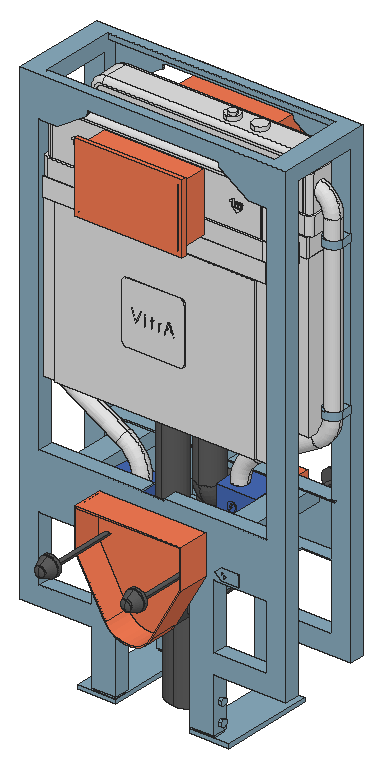
Revit family "ConcealedCistern-ForWallHungWCPans-8cm-InsideInPlasterboardWall-FloorMounting-AppliedBacktoBack-VitrA-768-5850", category Plumbing Fixtures, host Face, Revit 2017 (continued)
Automatic sketch dimensions
  plane 3 "Center (Left/Right)" to Extrusion 58 sketch curve = 29.596 mm
  plane 3 "Center (Left/Right)" to Extrusion 58 sketch curve = 30.072 mm
  plane 5 to Extrusion 58 sketch curve = 6.857 mm
  Extrusion 58 sketch curve to Extrusion 58 sketch curve = 29.491 mm
  Extrusion 58 sketch curve to plane 5 = 0.424 mm
  Extrusion 58 sketch curve to plane 5 = 64.542 mm
  Extrusion 58 sketch curve to Extrusion 58 sketch curve = 0.114 mm
  Extrusion 58 sketch curve to Extrusion 58 sketch curve = 18.632 mm
  Extrusion 58 sketch curve to Extrusion 58 sketch curve = 18.748 mm
  plane 5 to Extrusion 58 sketch curve = 6.301 mm
  Sweep 59 sketch curve to plane 11 = 77.914 mm
  Sweep 59 sketch curve to Sweep 59 sketch curve = 30 mm
  Sweep 59 sketch curve to plane 5 = 164.854 mm
  Sweep 59 sketch curve to Sweep 59 sketch curve = 17.5 mm
  Sweep 59 sketch curve to Sweep 59 sketch curve = 175 mm
  Sweep 59 sketch curve to profile plane = 0 mm  (x2)
  Extrusion 60 sketch curve to Extrusion 60 sketch curve = 0 mm  (x2)
  Extrusion 60 sketch curve to plane 3 "Center (Left/Right)" = 0 mm
  Extrusion 60 sketch curve to plane 5 = 0.031 mm
  Extrusion 60 sketch curve to Extrusion 60 sketch curve = 52.806 mm
  Sweep 62 sketch curve to plane 4 = 43.146 mm  (x2)
  Sweep 62 sketch curve to Sweep 62 sketch curve = 20 mm
  Sweep 62 sketch curve to plane 6 = 63.774 mm
  plane 7 to Sweep 62 sketch curve = 83.618 mm
  plane 4 to Sweep 62 sketch curve = 32.064 mm  (x2)
  Sweep 62 sketch curve to profile plane = 0 mm  (x2)
  Sweep 62 sketch curve to profile plane = 5 mm
  Sweep 62 sketch curve to profile plane = 68.448 mm
  Sweep 62 sketch curve to Sweep 62 sketch curve = 10.038 mm
  Sweep 62 sketch curve to profile plane = 10.194 mm
  plane 4 to Extrusion 63 sketch curve = 32.064 mm
  Extrusion 63 sketch curve to plane 4 = 43.146 mm  (x2)
  Extrusion 63 sketch curve to Extrusion 63 sketch curve = 15 mm
  Extrusion 63 sketch curve to plane 6 = 68.774 mm
  plane 7 to Extrusion 63 sketch curve = 83.618 mm
  plane 7 to Extrusion 64 sketch curve = 48.696 mm
  Extrusion 64 sketch curve to Extrusion 64 sketch curve = 12 mm  (x3)
  Extrusion 64 sketch curve to plane 11 = 15.018 mm
  Extrusion 64 sketch curve to plane 6 = 60.533 mm
  Extrusion 64 sketch curve to Extrusion 64 sketch curve = 0 mm  (x2)
  Extrusion 64 sketch curve to Extrusion 64 sketch curve = 55.628 mm
  plane 7 to Extrusion 65 sketch curve = 52.298 mm
  Extrusion 65 sketch curve to plane 6 = 53.785 mm
  Extrusion 65 sketch curve to Extrusion 65 sketch curve = 3.59 mm  (x2)
  Extrusion 65 sketch curve to Extrusion 65 sketch curve = 77.893 mm  (x2)
  Extrusion 65 sketch curve to Extrusion 65 sketch curve = 4.445 mm
  Extrusion 66 sketch curve to plane 11 = 15.777 mm  (x2)
  plane 7 to Extrusion 66 sketch curve = 51.524 mm
  Extrusion 66 sketch curve to Extrusion 66 sketch curve = 23.661 mm  (x2)
  Extrusion 66 sketch curve to plane 6 = 77.276 mm  (x2)
  Extrusion 66 sketch curve to plane 11 = 12.177 mm
  Extrusion 66 sketch curve to Extrusion 66 sketch curve = 25.501 mm
  Extrusion 66 sketch curve to Extrusion 66 sketch curve = 81.493 mm
  Extrusion 66 sketch curve to Extrusion 66 sketch curve = 79.379 mm
  Extrusion 66 sketch curve to Extrusion 66 sketch curve = 2.062 mm
  Extrusion 67 sketch curve to plane 3 "Center (Left/Right)" = 0 mm
  plane 3 "Center (Left/Right)" to Extrusion 67 sketch curve = 0.641 mm
  plane 3 "Center (Left/Right)" to Extrusion 67 sketch curve = 0.644 mm
  plane 3 "Center (Left/Right)" to Extrusion 67 sketch curve = 0.797 mm
  plane 3 "Center (Left/Right)" to Extrusion 67 sketch curve = 1.239 mm
  Extrusion 67 sketch curve to Extrusion 67 sketch curve = 1.778 mm
  Extrusion 67 sketch curve to Extrusion 67 sketch curve = 2.58 mm
  Extrusion 67 sketch curve to Extrusion 67 sketch curve = 2.84 mm
  Extrusion 67 sketch curve to Extrusion 67 sketch curve = 2.96 mm
  Extrusion 67 sketch curve to Extrusion 67 sketch curve = 0.685 mm
  Extrusion 67 sketch curve to Extrusion 67 sketch curve = 10.527 mm
  Extrusion 67 sketch curve to Extrusion 67 sketch curve = 0.07 mm
  Extrusion 67 sketch curve to Extrusion 67 sketch curve = 12.294 mm
  Extrusion 67 sketch curve to Extrusion 67 sketch curve = 1.546 mm
  Extrusion 67 sketch curve to Extrusion 67 sketch curve = 1.859 mm
  Extrusion 67 sketch curve to Extrusion 67 sketch curve = 2.945 mm
  Extrusion 67 sketch curve to Extrusion 67 sketch curve = 0.086 mm
  Extrusion 67 sketch curve to Extrusion 67 sketch curve = 8.046 mm
  Extrusion 67 sketch curve to Extrusion 67 sketch curve = 0.71 mm  (x2)
  Extrusion 67 sketch curve to Extrusion 67 sketch curve = 0.688 mm  (x2)
  Extrusion 67 sketch curve to Extrusion 67 sketch curve = 14.834 mm
  Extrusion 67 sketch curve to Extrusion 67 sketch curve = 1.451 mm
  Extrusion 67 sketch curve to Extrusion 67 sketch curve = 2.51 mm  (x2)
  Extrusion 67 sketch curve to Extrusion 67 sketch curve = 1.059 mm  (x2)
  Extrusion 67 sketch curve to Extrusion 67 sketch curve = 17.656 mm
  Extrusion 67 sketch curve to Extrusion 67 sketch curve = 17.976 mm
  Extrusion 67 sketch curve to Extrusion 67 sketch curve = 11.658 mm
  Extrusion 67 sketch curve to Extrusion 67 sketch curve = 10 mm  (x2)
  Extrusion 67 sketch curve to plane 3 "Center (Left/Right)" = 2.861 mm
  Extrusion 67 sketch curve to Extrusion 67 sketch curve = 0.937 mm
  Extrusion 67 sketch curve to Extrusion 67 sketch curve = 7.721 mm
  Extrusion 67 sketch curve to plane 3 "Center (Left/Right)" = 11.889 mm
  Extrusion 67 sketch curve to Extrusion 67 sketch curve = 1.502 mm
  Extrusion 67 sketch curve to Extrusion 67 sketch curve = 1.858 mm
  Extrusion 67 sketch curve to Extrusion 67 sketch curve = 2.553 mm
  Extrusion 67 sketch curve to Extrusion 67 sketch curve = 0.693 mm
  Extrusion 67 sketch curve to Extrusion 67 sketch curve = 4.368 mm
  Extrusion 67 sketch curve to Extrusion 67 sketch curve = 0.781 mm
  Extrusion 67 sketch curve to Extrusion 67 sketch curve = 9.696 mm
  Extrusion 67 sketch curve to Extrusion 67 sketch curve = 0.531 mm
  Extrusion 67 sketch curve to Extrusion 67 sketch curve = 0.879 mm
  Extrusion 67 sketch curve to Extrusion 67 sketch curve = 13.246 mm
  Extrusion 67 sketch curve to Extrusion 67 sketch curve = 0.258 mm
  Extrusion 67 sketch curve to Extrusion 67 sketch curve = 0.179 mm
  Extrusion 67 sketch curve to Extrusion 67 sketch curve = 1.384 mm
  Extrusion 67 sketch curve to Extrusion 67 sketch curve = 1.96 mm
  Extrusion 67 sketch curve to Extrusion 67 sketch curve = 1.397 mm
  Extrusion 67 sketch curve to Extrusion 67 sketch curve = 5.74 mm
  Extrusion 67 sketch curve to Extrusion 67 sketch curve = 0.284 mm
  Extrusion 67 sketch curve to Extrusion 67 sketch curve = 0.376 mm
  Extrusion 67 sketch curve to Extrusion 67 sketch curve = 1.63 mm
  Extrusion 67 sketch curve to Extrusion 67 sketch curve = 3.257 mm
  Extrusion 67 sketch curve to Extrusion 67 sketch curve = 0.824 mm
  Extrusion 67 sketch curve to Extrusion 67 sketch curve = 0.532 mm
  Extrusion 67 sketch curve to Extrusion 67 sketch curve = 11.499 mm
  Extrusion 67 sketch curve to plane 3 "Center (Left/Right)" = 55 mm
  plane 4 to Extrusion 67 sketch curve = 190.191 mm
  Extrusion 67 sketch curve to Extrusion 67 sketch curve = 42.948 mm
  Extrusion 67 sketch curve to Extrusion 67 sketch curve = 0 mm
  Extrusion 67 sketch curve to Extrusion 67 sketch curve = 0.268 mm  (x2)
  Extrusion 67 sketch curve to Extrusion 67 sketch curve = 43.989 mm
  Extrusion 67 sketch curve to Extrusion 67 sketch curve = 0.001 mm
  Extrusion 67 sketch curve to Extrusion 67 sketch curve = 1.328 mm
  Extrusion 67 sketch curve to Extrusion 67 sketch curve = 0.024 mm
  Extrusion 67 sketch curve to Extrusion 67 sketch curve = 3.385 mm
  Extrusion 67 sketch curve to Extrusion 67 sketch curve = 3.661 mm
  Extrusion 67 sketch curve to Extrusion 67 sketch curve = 4.575 mm
  Extrusion 67 sketch curve to Extrusion 67 sketch curve = 0.451 mm
  Extrusion 67 sketch curve to Extrusion 67 sketch curve = 1.415 mm
  Extrusion 67 sketch curve to Extrusion 67 sketch curve = 1.763 mm
  Extrusion 67 sketch curve to Extrusion 67 sketch curve = 1.585 mm
  Extrusion 67 sketch curve to Extrusion 67 sketch curve = 1.786 mm
  Extrusion 67 sketch curve to Extrusion 67 sketch curve = 1.019 mm
  Extrusion 67 sketch curve to Extrusion 67 sketch curve = 5.119 mm
  Extrusion 67 sketch curve to Extrusion 67 sketch curve = 0.005 mm
  Extrusion 67 sketch curve to Extrusion 67 sketch curve = 1.396 mm
  Extrusion 67 sketch curve to Extrusion 67 sketch curve = 1.708 mm
  Extrusion 67 sketch curve to Extrusion 67 sketch curve = 1.713 mm
  Extrusion 67 sketch curve to Extrusion 67 sketch curve = 2.653 mm
  Extrusion 67 sketch curve to Extrusion 67 sketch curve = 7.023 mm
  Extrusion 67 sketch curve to Extrusion 67 sketch curve = 0.667 mm
  Extrusion 67 sketch curve to Extrusion 67 sketch curve = 4.237 mm
  Extrusion 67 sketch curve to Extrusion 67 sketch curve = 1.049 mm
  Extrusion 67 sketch curve to Extrusion 67 sketch curve = 0.447 mm
  Extrusion 67 sketch curve to Extrusion 67 sketch curve = 3.29 mm
  Extrusion 67 sketch curve to Extrusion 67 sketch curve = 1.53 mm
  Extrusion 67 sketch curve to Extrusion 67 sketch curve = 2.92 mm
  Extrusion 67 sketch curve to Extrusion 67 sketch curve = 2.32 mm
  Extrusion 67 sketch curve to Extrusion 67 sketch curve = 1.963 mm
  Extrusion 67 sketch curve to Extrusion 67 sketch curve = 1.187 mm
  Extrusion 67 sketch curve to Extrusion 67 sketch curve = 8.807 mm
  Extrusion 67 sketch curve to Extrusion 67 sketch curve = 0.413 mm
  Extrusion 67 sketch curve to Extrusion 67 sketch curve = 2.594 mm
  Extrusion 67 sketch curve to Extrusion 67 sketch curve = 0.847 mm
  Extrusion 67 sketch curve to Extrusion 67 sketch curve = 9.563 mm
  Extrusion 67 sketch curve to Extrusion 67 sketch curve = 0.002 mm
  Extrusion 67 sketch curve to Extrusion 67 sketch curve = 13.754 mm
  Extrusion 67 sketch curve to Extrusion 67 sketch curve = 9.031 mm
  Extrusion 67 sketch curve to Extrusion 67 sketch curve = 0.204 mm
  Extrusion 67 sketch curve to Extrusion 67 sketch curve = 8.368 mm
  Extrusion 67 sketch curve to Extrusion 67 sketch curve = 0.357 mm
  Extrusion 67 sketch curve to Extrusion 67 sketch curve = 0.362 mm
  Extrusion 67 sketch curve to Extrusion 67 sketch curve = 0.58 mm
  Extrusion 67 sketch curve to Extrusion 67 sketch curve = 0.584 mm
  Extrusion 67 sketch curve to Extrusion 67 sketch curve = 43.702 mm
  plane 3 "Center (Left/Right)" to Blend 68 sketch curve = 122.5 mm
  plane 3 "Center (Left/Right)" to Blend 68 sketch curve = 41.187 mm
  Blend 68 sketch curve to plane 5 = 182.167 mm
  Blend 68 sketch curve to Blend 68 sketch curve = 62.374 mm
  plane 3 "Center (Left/Right)" to Blend 68 sketch curve = 38.348 mm
  Blend 68 sketch curve to plane 5 = 185.006 mm
  Blend 68 sketch curve to Blend 68 sketch curve = 68.052 mm
  Blend 68 sketch curve to Blend 68 sketch curve = 86.991 mm
  plane 3 "Center (Left/Right)" to Extrusion 69 sketch curve = 68.989 mm
  Extrusion 69 sketch curve to Extrusion 69 sketch curve = 0.036 mm
  Extrusion 69 sketch curve to Extrusion 69 sketch curve = 2.744 mm
  Extrusion 69 sketch curve to Extrusion 69 sketch curve = 0.046 mm
  Extrusion 69 sketch curve to Extrusion 69 sketch curve = 0.937 mm
  Extrusion 69 sketch curve to Extrusion 69 sketch curve = 1.259 mm
  Extrusion 69 sketch curve to Extrusion 69 sketch curve = 5 mm
  Extrusion 69 sketch curve to Extrusion 69 sketch curve = 2.884 mm
  Extrusion 69 sketch curve to plane 5 = 143.428 mm
  Extrusion 69 sketch curve to Extrusion 69 sketch curve = 5.995 mm
  Extrusion 69 sketch curve to Extrusion 69 sketch curve = 1.264 mm
  Extrusion 69 sketch curve to Extrusion 69 sketch curve = 1.408 mm
  Extrusion 69 sketch curve to Extrusion 69 sketch curve = 1.472 mm
  Extrusion 69 sketch curve to Extrusion 69 sketch curve = 4.497 mm
  plane 7 to Sweep 70 sketch curve = 26.323 mm
  plane 7 to Sweep 70 sketch curve = 56.323 mm
  Sweep 70 sketch curve to plane 4 = 9.502 mm
  Sweep 70 sketch curve to Sweep 70 sketch curve = 30.349 mm
  plane 4 to Sweep 70 sketch curve = 33.046 mm
  Sweep 70 sketch curve to Sweep 70 sketch curve = 30 mm
  plane 3 "Center (Left/Right)" to Sweep 70 sketch curve = 140.153 mm
  Sweep 70 sketch curve to Sweep 70 sketch curve = 37.5 mm
  plane 3 "Center (Left/Right)" to Sweep 70 sketch curve = 65.153 mm
  Sweep 70 sketch curve to plane 5 = 372.196 mm
  Sweep 70 sketch curve to Sweep 70 sketch curve = 72.76 mm
  Sweep 70 sketch curve to plane 4 = 24.436 mm
  Sweep 70 sketch curve to Sweep 70 sketch curve = 43.371 mm
  Sweep 70 sketch curve to Sweep 70 sketch curve = 14.831 mm
  Sweep 70 sketch curve to profile plane = 0 mm
  Sweep 70 sketch curve to profile plane = 120.458 mm
  Extrusion 71 sketch curve to Extrusion 71 sketch curve = 0 mm  (x2)
  plane 7 to Extrusion 71 sketch curve = 7.245 mm
  Extrusion 71 sketch curve to Extrusion 71 sketch curve = 19.392 mm
  Extrusion 71 sketch curve to plane 11 = 69.958 mm
  Extrusion 71 sketch curve to Extrusion 71 sketch curve = 22.818 mm
  Extrusion 72 sketch curve to Extrusion 72 sketch curve = 0 mm  (x2)
  plane 7 to Extrusion 72 sketch curve = 7.245 mm
  Extrusion 72 sketch curve to Extrusion 72 sketch curve = 19.392 mm
  Extrusion 72 sketch curve to plane 11 = 69.989 mm
  Extrusion 72 sketch curve to Extrusion 72 sketch curve = 22.818 mm
  Extrusion 73 sketch curve to plane 4 = 20.385 mm
  Extrusion 73 sketch curve to plane 6 = 109.375 mm
  Extrusion 73 sketch curve to plane 4 = 19.608 mm
  Extrusion 73 sketch curve to Extrusion 73 sketch curve = 1.807 mm
  Extrusion 73 sketch curve to plane 4 = 22.028 mm
  Extrusion 73 sketch curve to Extrusion 73 sketch curve = 0.714 mm
  Extrusion 73 sketch curve to Extrusion 73 sketch curve = 3.438 mm
  Extrusion 73 sketch curve to plane 4 = 23.9 mm
  Extrusion 73 sketch curve to Extrusion 73 sketch curve = 1.528 mm
  Extrusion 73 sketch curve to Extrusion 73 sketch curve = 1.368 mm
  Extrusion 73 sketch curve to Extrusion 73 sketch curve = 1.108 mm
  Extrusion 73 sketch curve to plane 4 = 0.916 mm
  Extrusion 73 sketch curve to Extrusion 73 sketch curve = 8.944 mm  (x2)
  Extrusion 73 sketch curve to plane 4 = 8.072 mm
  Extrusion 73 sketch curve to Extrusion 73 sketch curve = 1.77 mm
  Extrusion 73 sketch curve to Extrusion 73 sketch curve = 1.662 mm
  Extrusion 73 sketch curve to Extrusion 73 sketch curve = 1.232 mm
  Extrusion 74 sketch curve to plane 4 = 9.842 mm  (x2)
  Extrusion 74 sketch curve to plane 6 = 119.412 mm
  Extrusion 74 sketch curve to Extrusion 74 sketch curve = 1.538 mm
  Extrusion 74 sketch curve to Extrusion 74 sketch curve = 1.719 mm  (x2)
  Extrusion 74 sketch curve to Extrusion 74 sketch curve = 2.156 mm
  Extrusion 74 sketch curve to Extrusion 74 sketch curve = 0.595 mm
  Extrusion 74 sketch curve to Extrusion 74 sketch curve = 4.307 mm
  Extrusion 74 sketch curve to Extrusion 74 sketch curve = 2.158 mm
  Extrusion 74 sketch curve to Extrusion 74 sketch curve = 0.507 mm
  Extrusion 74 sketch curve to Extrusion 74 sketch curve = 0.407 mm
  Extrusion 74 sketch curve to Extrusion 74 sketch curve = 4.288 mm
  Extrusion 74 sketch curve to Extrusion 74 sketch curve = 1.709 mm
  Extrusion 74 sketch curve to Extrusion 74 sketch curve = 0 mm
  Extrusion 74 sketch curve to Extrusion 74 sketch curve = 6.389 mm
  Extrusion 74 sketch curve to Extrusion 74 sketch curve = 0.149 mm
  Extrusion 74 sketch curve to Extrusion 74 sketch curve = 0.466 mm
  Extrusion 74 sketch curve to Extrusion 74 sketch curve = 0.275 mm
  Extrusion 74 sketch curve to Extrusion 74 sketch curve = 0.349 mm
  Extrusion 74 sketch curve to Extrusion 74 sketch curve = 0.221 mm
  Extrusion 74 sketch curve to Extrusion 74 sketch curve = 1.997 mm
  Extrusion 74 sketch curve to Extrusion 74 sketch curve = 1.423 mm
  Extrusion 74 sketch curve to Extrusion 74 sketch curve = 0.344 mm
  Extrusion 75 sketch curve to plane 4 = 18.51 mm
  Extrusion 75 sketch curve to plane 6 = 130.937 mm
  Extrusion 75 sketch curve to plane 4 = 17.733 mm
  Extrusion 75 sketch curve to Extrusion 75 sketch curve = 1.807 mm
  Extrusion 75 sketch curve to plane 4 = 20.153 mm
  Extrusion 75 sketch curve to Extrusion 75 sketch curve = 0.714 mm
  Extrusion 75 sketch curve to Extrusion 75 sketch curve = 3.438 mm
  Extrusion 75 sketch curve to plane 4 = 22.025 mm
  Extrusion 75 sketch curve to Extrusion 75 sketch curve = 1.528 mm
  Extrusion 75 sketch curve to Extrusion 75 sketch curve = 1.368 mm
  Extrusion 75 sketch curve to Extrusion 75 sketch curve = 1.108 mm
  plane 4 to Extrusion 75 sketch curve = 0.959 mm
  Extrusion 75 sketch curve to Extrusion 75 sketch curve = 8.944 mm  (x2)
  Extrusion 75 sketch curve to plane 4 = 6.197 mm
  Extrusion 75 sketch curve to Extrusion 75 sketch curve = 1.77 mm
  Extrusion 75 sketch curve to Extrusion 75 sketch curve = 1.662 mm
  Extrusion 75 sketch curve to Extrusion 75 sketch curve = 1.232 mm
  Extrusion 76 sketch curve to plane 4 = 7.967 mm  (x2)
  Extrusion 76 sketch curve to plane 6 = 120.901 mm
  Extrusion 76 sketch curve to Extrusion 76 sketch curve = 1.538 mm
  Extrusion 76 sketch curve to Extrusion 76 sketch curve = 1.719 mm  (x2)
  Extrusion 76 sketch curve to Extrusion 76 sketch curve = 2.156 mm
  Extrusion 76 sketch curve to Extrusion 76 sketch curve = 0.595 mm
  Extrusion 76 sketch curve to Extrusion 76 sketch curve = 4.307 mm
  Extrusion 76 sketch curve to Extrusion 76 sketch curve = 2.158 mm
  Extrusion 76 sketch curve to Extrusion 76 sketch curve = 0.507 mm
  Extrusion 76 sketch curve to Extrusion 76 sketch curve = 0.407 mm
  Extrusion 76 sketch curve to Extrusion 76 sketch curve = 4.288 mm
  Extrusion 76 sketch curve to Extrusion 76 sketch curve = 1.709 mm
  Extrusion 76 sketch curve to Extrusion 76 sketch curve = 0 mm
  Extrusion 76 sketch curve to Extrusion 76 sketch curve = 6.389 mm
  Extrusion 76 sketch curve to Extrusion 76 sketch curve = 0.149 mm
  Extrusion 76 sketch curve to Extrusion 76 sketch curve = 0.466 mm
  Extrusion 76 sketch curve to Extrusion 76 sketch curve = 0.275 mm
  Extrusion 76 sketch curve to Extrusion 76 sketch curve = 0.349 mm
  Extrusion 76 sketch curve to Extrusion 76 sketch curve = 0.221 mm
  Extrusion 76 sketch curve to Extrusion 76 sketch curve = 1.997 mm
  Extrusion 76 sketch curve to Extrusion 76 sketch curve = 1.423 mm
  Extrusion 76 sketch curve to Extrusion 76 sketch curve = 0.344 mm
  Extrusion 77 sketch curve to plane 4 = 18.51 mm
  plane 7 to Extrusion 77 sketch curve = 101.611 mm
  Extrusion 77 sketch curve to plane 4 = 17.733 mm
  Extrusion 77 sketch curve to Extrusion 77 sketch curve = 1.807 mm
  Extrusion 77 sketch curve to plane 4 = 20.153 mm
  Extrusion 77 sketch curve to Extrusion 77 sketch curve = 0.714 mm
  Extrusion 77 sketch curve to Extrusion 77 sketch curve = 3.438 mm
  Extrusion 77 sketch curve to plane 4 = 22.025 mm
  Extrusion 77 sketch curve to Extrusion 77 sketch curve = 1.528 mm
  Extrusion 77 sketch curve to Extrusion 77 sketch curve = 1.368 mm
  Extrusion 77 sketch curve to Extrusion 77 sketch curve = 1.108 mm
  plane 4 to Extrusion 77 sketch curve = 0.959 mm
  Extrusion 77 sketch curve to Extrusion 77 sketch curve = 8.944 mm  (x2)
  Extrusion 77 sketch curve to plane 4 = 6.197 mm
  Extrusion 77 sketch curve to Extrusion 77 sketch curve = 1.77 mm
  Extrusion 77 sketch curve to Extrusion 77 sketch curve = 1.662 mm
  Extrusion 77 sketch curve to Extrusion 77 sketch curve = 1.232 mm
  Extrusion 78 sketch curve to plane 4 = 7.967 mm  (x2)
  plane 7 to Extrusion 78 sketch curve = 111.648 mm
  Extrusion 78 sketch curve to Extrusion 78 sketch curve = 1.538 mm
  Extrusion 78 sketch curve to Extrusion 78 sketch curve = 1.719 mm  (x2)
  Extrusion 78 sketch curve to Extrusion 78 sketch curve = 2.156 mm
  Extrusion 78 sketch curve to Extrusion 78 sketch curve = 0.595 mm
  Extrusion 78 sketch curve to Extrusion 78 sketch curve = 4.307 mm
  Extrusion 78 sketch curve to Extrusion 78 sketch curve = 2.158 mm
  Extrusion 78 sketch curve to Extrusion 78 sketch curve = 0.507 mm
  Extrusion 78 sketch curve to Extrusion 78 sketch curve = 0.407 mm
  Extrusion 78 sketch curve to Extrusion 78 sketch curve = 4.288 mm
  Extrusion 78 sketch curve to Extrusion 78 sketch curve = 1.709 mm
  Extrusion 78 sketch curve to Extrusion 78 sketch curve = 0 mm
  Extrusion 78 sketch curve to Extrusion 78 sketch curve = 6.389 mm
  Extrusion 78 sketch curve to Extrusion 78 sketch curve = 0.149 mm
  Extrusion 78 sketch curve to Extrusion 78 sketch curve = 0.466 mm
  Extrusion 78 sketch curve to Extrusion 78 sketch curve = 0.275 mm
  Extrusion 78 sketch curve to Extrusion 78 sketch curve = 0.349 mm
  Extrusion 78 sketch curve to Extrusion 78 sketch curve = 0.221 mm
  Extrusion 78 sketch curve to Extrusion 78 sketch curve = 1.997 mm
  Extrusion 78 sketch curve to Extrusion 78 sketch curve = 1.423 mm
  Extrusion 78 sketch curve to Extrusion 78 sketch curve = 0.344 mm
  Extrusion 79 sketch curve to plane 11 = 54.918 mm
  Extrusion 79 sketch curve to plane 11 = 53.881 mm
  plane 3 "Center (Left/Right)" to Extrusion 79 sketch curve = 43.394 mm
  Extrusion 79 sketch curve to Extrusion 79 sketch curve = 56.521 mm
  plane 3 "Center (Left/Right)" to Extrusion 80 sketch curve = 43.679 mm
  Extrusion 80 sketch curve to plane 11 = 53.425 mm
  Extrusion 81 sketch curve to plane 6 = 97.5 mm
  plane 8 to Extrusion 81 sketch curve = 4.832 mm
  Extrusion 81 sketch curve to Extrusion 81 sketch curve = 50 mm
  Extrusion 81 sketch curve to plane 11 = 97.447 mm
  plane 8 to Extrusion 82 sketch curve = 4.832 mm
  plane 7 to Extrusion 82 sketch curve = 97.5 mm
  Extrusion 82 sketch curve to Extrusion 82 sketch curve = 50 mm
  Extrusion 82 sketch curve to plane 11 = 97.447 mm
  plane 8 to Extrusion 83 sketch curve = 32.332 mm
  Extrusion 83 sketch curve to Extrusion 83 sketch curve = 10 mm  (x2)
  plane 1 "Center (Front/Back)" to Extrusion 83 sketch curve = 11.88 mm
  Extrusion 83 sketch curve to plane 11 = 34.275 mm
  Extrusion 83 sketch curve to Extrusion 83 sketch curve = 25.672 mm
  plane 3 "Center (Left/Right)" to Extrusion 83 sketch curve = 127.5 mm
  Extrusion 83 sketch curve to Extrusion 83 sketch curve = 50 mm
  plane 8 to Extrusion 84 sketch curve = 32.332 mm
  Extrusion 84 sketch curve to Extrusion 84 sketch curve = 10 mm  (x2)
  plane 1 "Center (Front/Back)" to Extrusion 84 sketch curve = 11.88 mm
  Extrusion 84 sketch curve to plane 11 = 34.275 mm
  Extrusion 84 sketch curve to Extrusion 84 sketch curve = 25.672 mm
  Extrusion 84 sketch curve to plane 3 "Center (Left/Right)" = 77.5 mm
  Extrusion 84 sketch curve to Extrusion 84 sketch curve = 50 mm
  Extrusion 85 sketch curve to plane 3 "Center (Left/Right)" = 127 mm
  Extrusion 85 sketch curve to Extrusion 85 sketch curve = 49.5 mm
  plane 3 "Center (Left/Right)" to Extrusion 85 sketch curve = 77.5 mm
  Extrusion 85 sketch curve to Extrusion 85 sketch curve = 50 mm
  Extrusion 85 sketch curve to plane 5 = 84.888 mm  (x2)
  Extrusion 85 sketch curve to Extrusion 85 sketch curve = 30 mm  (x2)
  Extrusion 86 sketch curve to plane 3 "Center (Left/Right)" = 127 mm
  Extrusion 86 sketch curve to Extrusion 86 sketch curve = 49.5 mm
  plane 3 "Center (Left/Right)" to Extrusion 86 sketch curve = 77.5 mm
  Extrusion 86 sketch curve to Extrusion 86 sketch curve = 50 mm
  Extrusion 86 sketch curve to plane 5 = 84.888 mm  (x2)
  Extrusion 86 sketch curve to Extrusion 86 sketch curve = 30 mm  (x2)
  Extrusion 87 sketch curve to plane 10 = 0 mm
  Extrusion 87 sketch curve to plane 10 = 31.322 mm
  plane 8 to Extrusion 87 sketch curve = 30 mm
  Extrusion 87 sketch curve to plane 11 = 69.947 mm
  Extrusion 88 sketch curve to plane 10 = 0 mm
  Extrusion 88 sketch curve to plane 10 = 31.322 mm
  plane 8 to Extrusion 88 sketch curve = 30 mm
  Extrusion 88 sketch curve to plane 11 = 72.503 mm
  level to Extrusion 89 sketch curve = 24.172 mm
  Extrusion 89 sketch curve to Extrusion 89 sketch curve = 3.753 mm  (x3)
  Extrusion 89 sketch curve to Extrusion 89 sketch curve = 7.506 mm  (x2)
  Extrusion 89 sketch curve to plane 11 = 79.664 mm
  Extrusion 89 sketch curve to Extrusion 89 sketch curve = 6.5 mm  (x3)
  level to Extrusion 90 sketch curve = 63.826 mm
  Extrusion 90 sketch curve to Extrusion 90 sketch curve = 3.753 mm  (x3)
  Extrusion 90 sketch curve to Extrusion 90 sketch curve = 7.506 mm  (x2)
  Extrusion 90 sketch curve to plane 11 = 79.664 mm
  Extrusion 90 sketch curve to Extrusion 90 sketch curve = 6.5 mm  (x3)
  level to Extrusion 91 sketch curve = 24.172 mm
  Extrusion 91 sketch curve to Extrusion 91 sketch curve = 3.753 mm  (x3)
  Extrusion 91 sketch curve to Extrusion 91 sketch curve = 7.506 mm  (x2)
  plane 8 to Extrusion 91 sketch curve = 16.116 mm
  Extrusion 91 sketch curve to Extrusion 91 sketch curve = 0 mm
  Extrusion 91 sketch curve to Extrusion 91 sketch curve = 6.5 mm  (x2)
  plane 8 to Extrusion 92 sketch curve = 16.116 mm  (x2)
  level to Extrusion 92 sketch curve = 63.826 mm
  Extrusion 92 sketch curve to Extrusion 92 sketch curve = 3.753 mm  (x3)
  plane 8 to Extrusion 92 sketch curve = 22.616 mm
  Extrusion 92 sketch curve to Extrusion 92 sketch curve = 7.506 mm  (x2)
  Extrusion 92 sketch curve to Extrusion 92 sketch curve = 6.5 mm
  level to Extrusion 93 sketch curve = 24.172 mm
  Extrusion 93 sketch curve to Extrusion 93 sketch curve = 3.753 mm  (x3)
  Extrusion 93 sketch curve to Extrusion 93 sketch curve = 7.506 mm  (x2)
  Extrusion 93 sketch curve to plane 11 = 92.664 mm
  Extrusion 93 sketch curve to Extrusion 93 sketch curve = 6.5 mm  (x3)
  level to Extrusion 94 sketch curve = 63.826 mm
  Extrusion 94 sketch curve to Extrusion 94 sketch curve = 3.753 mm  (x3)
  Extrusion 94 sketch curve to Extrusion 94 sketch curve = 7.506 mm  (x2)
  Extrusion 94 sketch curve to plane 11 = 92.664 mm
  Extrusion 94 sketch curve to Extrusion 94 sketch curve = 6.5 mm  (x3)
  level to Extrusion 95 sketch curve = 24.172 mm
  Extrusion 95 sketch curve to Extrusion 95 sketch curve = 3.753 mm  (x3)
  Extrusion 95 sketch curve to Extrusion 95 sketch curve = 7.506 mm  (x2)
  plane 8 to Extrusion 95 sketch curve = 16.116 mm
  Extrusion 95 sketch curve to Extrusion 95 sketch curve = 6.5 mm  (x3)
  plane 8 to Extrusion 96 sketch curve = 16.116 mm  (x2)
  level to Extrusion 96 sketch curve = 63.826 mm
  Extrusion 96 sketch curve to Extrusion 96 sketch curve = 3.753 mm  (x3)
  plane 8 to Extrusion 96 sketch curve = 22.616 mm
  Extrusion 96 sketch curve to Extrusion 96 sketch curve = 7.506 mm  (x2)
  Extrusion 96 sketch curve to Extrusion 96 sketch curve = 6.5 mm
  plane 7 to Extrusion 97 sketch curve = 40 mm
  Extrusion 97 sketch curve to plane 11 = 97.452 mm
  Extrusion 97 sketch curve to Extrusion 97 sketch curve = 27.5 mm
  Extrusion 97 sketch curve to plane 11 = 69.952 mm
  Extrusion 97 sketch curve to plane 11 = 59.952 mm
  Extrusion 97 sketch curve to Extrusion 97 sketch curve = 10 mm
  Extrusion 97 sketch curve to Extrusion 97 sketch curve = 7.407 mm
  Extrusion 97 sketch curve to plane 11 = 20.452 mm
  Extrusion 97 sketch curve to Extrusion 97 sketch curve = 70.5 mm
  Extrusion 97 sketch curve to Extrusion 97 sketch curve = 74.5 mm  (x2)
  Extrusion 97 sketch curve to Extrusion 97 sketch curve = 25 mm
  Extrusion 97 sketch curve to plane 3 "Center (Left/Right)" = 58.952 mm
  Extrusion 97 sketch curve to Extrusion 97 sketch curve = 16.048 mm
  Extrusion 97 sketch curve to Extrusion 97 sketch curve = 41.048 mm
  Extrusion 97 sketch curve to plane 6 = 40 mm
  Extrusion 98 sketch curve to plane 3 "Center (Left/Right)" = 0 mm  (x2)
  Extrusion 98 sketch curve to plane 5 = 0 mm
  Extrusion 98 sketch curve to Extrusion 98 sketch curve = 137.605 mm
  Extrusion 99 sketch curve to plane 10 = 47.341 mm
  Extrusion 99 sketch curve to plane 3 "Center (Left/Right)" = 111.368 mm
  plane 3 "Center (Left/Right)" to Extrusion 99 sketch curve = 111.37 mm
  plane 4 to Extrusion 99 sketch curve = 70.165 mm
  Sweep 28 sketch curve to plane 5 = 0 mm
  Sweep 28 sketch curve to level = 0 mm
  plane 5 to Sweep 28 sketch curve = 48 mm
  plane 11 to Sweep 28 sketch curve = 0.068 mm
  Sweep 28 sketch curve to Sweep 28 sketch curve = 19.384 mm
  profile plane to Sweep 28 sketch curve = 0 mm
  profile plane to Sweep 28 sketch curve = 0.045 mm
  plane 5 to Sweep 61 sketch curve = 0 mm
  Sweep 61 sketch curve to level = 0 mm
  plane 5 to Sweep 61 sketch curve = 48 mm
  Sweep 61 sketch curve to plane 11 = 0.068 mm
  Sweep 61 sketch curve to Sweep 61 sketch curve = 19.384 mm
  Sweep 61 sketch curve to profile plane = 0 mm
  profile plane to Sweep 61 sketch curve = 0.045 mm
  radius of Extrusion 2 sketch curve = 65 mm
  radius of Extrusion 2 sketch curve = 26.044 mm
  radius of Extrusion 10 sketch curve = 15 mm
  radius of Extrusion 14 sketch curve = 9 mm
  radius of Sweep 19 sketch curve = 16 mm
  radius of Extrusion 22 sketch curve = 4.2 mm  (x2)
  radius of Sweep 26 sketch curve = 28 mm
  radius of Extrusion 34 sketch curve = 15 mm  (x2)
  radius of Extrusion 36 sketch curve = 8.702 mm
  radius of Extrusion 37 sketch curve = 1.5 mm
  radius of Extrusion 40 sketch curve = 16.482 mm
  radius of Extrusion 41 sketch curve = 16.482 mm
  radius of Extrusion 55 sketch curve = 4.2 mm  (x2)
  radius of Sweep 59 sketch curve = 28 mm
  radius of Extrusion 67 sketch curve = 1.5 mm
  radius of Extrusion 69 sketch curve = 9 mm
  radius of Sweep 70 sketch curve = 16 mm
  radius of Extrusion 71 sketch curve = 16.482 mm
  radius of Extrusion 72 sketch curve = 16.482 mm
  radius of Extrusion 79 sketch curve = 15 mm  (x2)
  radius of Extrusion 80 sketch curve = 8.702 mm
  radius of Extrusion 97 sketch curve = 15 mm
  radius of Extrusion 98 sketch curve = 65 mm
  radius of Extrusion 98 sketch curve = 26.044 mm
  radius of Sweep 28 sketch curve = 46 mm
  radius of Sweep 61 sketch curve = 46 mm
Connectors
  electrical at (-81.844, 5.116, 370.98)
    settings: on cut or joined group of Blend 13, Extrusion 14, index 2, voltage 220 V, apparent load 0 VA, apparent load phase1 0 VA, apparent load phase2 0 VA, apparent load phase3 0 VA, power factor 1, load classification "Power", number of poles 1, system type 31, power factor state 1, is connector primary yes, connector utility no, sub classification motor no, connector description ""
  piping at (0, 20.045, 0), diameter 110, driven by "Waste Connection"
    settings: on Sweep 28, index 3, connector inside diameter 609.6 mm, connector length 0 mm, flow factor 0, pipe flow 0.0 L/s, pressure drop 0.0 Pa, fitting loss kfactor 0, connector angle 0.00°, fixture units 0, engagement length 0 mm, angle of deflection 0.00°, flow configuration 0, flow direction 2, fitting loss method 0, system type 16, joint type 0, gender type 0, connector reference index -1, connector utility 1, adjustable connector no, is connector primary yes, connector description ""
  piping at (-43.679, -33.357, 1084.875), diameter 15, driven by "CW Connection"
    settings: on Extrusion 36, index 4, connector inside diameter 609.6 mm, connector length 0 mm, flow factor 0, pipe flow 0.0 L/s, pressure drop 0.0 Pa, fitting loss kfactor 0, connector angle 0.00°, fixture units 0, engagement length 0 mm, angle of deflection 0.00°, flow configuration 0, flow direction 1, fitting loss method 0, system type 20, joint type 0, gender type 0, connector reference index -1, connector utility 1, adjustable connector no, is connector primary no, connector description ""
  piping at (43.679, 73.493, 1084.875), diameter 15, driven by "CW Connection"
    settings: on Extrusion 80, index 5, connector inside diameter 609.6 mm, connector length 0 mm, flow factor 0, pipe flow 0.0 L/s, pressure drop 0.0 Pa, fitting loss kfactor 0, connector angle 0.00°, fixture units 0, engagement length 0 mm, angle of deflection 0.00°, flow configuration 0, flow direction 1, fitting loss method 0, system type 20, joint type 0, gender type 0, connector reference index -1, connector utility 1, adjustable connector no, is connector primary no, connector description ""
  electrical at (81.844, 35.02, 370.98)
    settings: on Blend 68, index 6, voltage 220 V, apparent load 0 VA, apparent load phase1 0 VA, apparent load phase2 0 VA, apparent load phase3 0 VA, power factor 1, load classification "Power", number of poles 1, system type 31, power factor state 1, is connector primary no, connector utility no, sub classification motor no, connector description ""
Types (2, lengths in mm): name | Technical description | Product url | Product SKU | Product Properties | Model | Description | Article No. (default)
  ConcealedCistern-ForWallHungWCPans-3/6lt-8cm-InsideInPlasterboardWall-FloorMounting-AppliedBackToBack-VitrA-768-5850-01 | "https://www.vitraglobal.com/pdf/748-5850-01/" | "https://www.vitraglobal.com/flushing-solutions-flush-plates/frames-cisterns/concealed-frame-systems/concealed-cistern-for-wall-hung-wc-pans-sku-748-5850-01/" | "768-5850-01" | "Concealed Cistern for Wall-Hung WC Pans Double Floor Fixation - 3/6lt - 8cm" | "768-5850-01" | "VitrA Concealed Cistern for Wall-Hung WC Pans - Double Floor Fixation - 3/6Litres - 8 cm" | "768-5850-01"
  ConcealedCistern-ForWallHungWCPans-2.5/4lt-8cm-InsideInPlasterboardWall-FloorMounting-AppliedBackToBack-VitrA-768-5850-02 | "https://www.vitraglobal.com/pdf/748-5850-02/" | "https://www.vitraglobal.com/flushing-solutions-flush-plates/frames-cisterns/concealed-frame-systems/concealed-cistern-for-wall-hung-wc-pans-sku-748-5850-02/" | "768-5850-02" | "Concealed Cistern for Wall-Hung WC Pans Double Floor Fixation - 2.5/4lt - 8cm" | "768-5850-02" | "VitrA Concealed Cistern for Wall-Hung WC Pans - Double Floor Fixation - 2.5/4Litres - 8 cm" | "768-5850-02"
